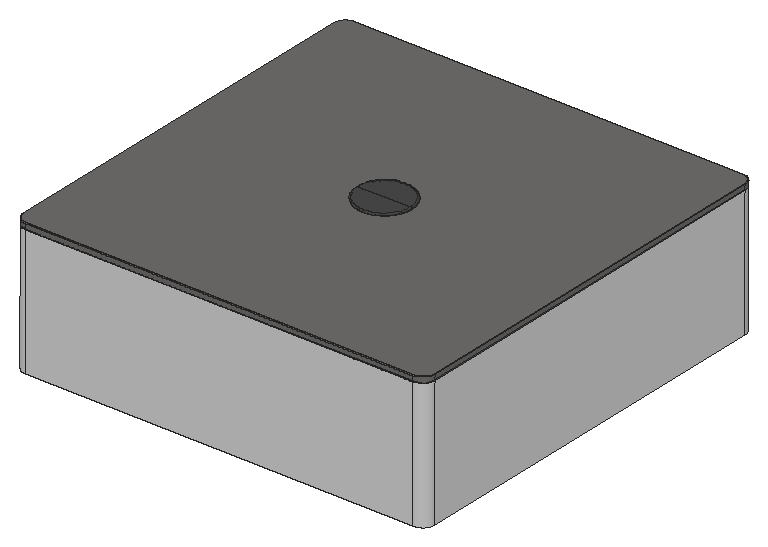
Revit family "Table-Square_With_Power-Teknion-STLAS_Infinito-R2014", category Furniture, Revit 2014
Parameters (values of type "Square Table With Power")
  Width = 2' - 9 1/2"
  Warranty = "http://www.teknionstudio.com/pdfs/Teknion%20Studio%20Warranty.pdf"
  Voltage = 125 V
  URL = "http://www.teknionstudio.com"
  Surface and Edge Trim Finish [instance] = Veneer - StudioTK - P7 - Weathered
  Series = "Studio"
  Product Page URL = "http://teknionstudio.com/infinito/"
  Product Line = "Infinito"
  Product Documentation Link = "http://www.teknionstudio.com/pricing/STLAS_ppg.pdf"
  Power Factor = 1
  Part Number = "STLAS"
  Number of Poles = 1
  Model = "STLAS34P"
  Manufacturer Phone = "919-464-2920"
  Manufacturer Fax = "919-464-2927"
  Manufacturer Email = "customersupport@teknionstudio.com"
  Manufacturer Address = "3953 US 70 Business HWY West, Clayton, NC 27520"
  Manufacturer = "StudioTK"
  Low Emitting Material = yes
  Low Emitting Finish = yes
  Height = 1' - 1"
  Description = "Infinito Square Table, 34\" / 86cm Width, With Power"
  Depth = 2' - 9 1/2"
  Connector Description = "Power Connector"
  Body Finish [instance] = Metal - StudioTK - V - Painted Very White
  Assembly Code = "E2020200"
  Apparent Load = 1250 VA
Reference planes (in)
  plane 1 "Center F/B": y = 0
  plane 2 "Bottom": z = 0
  plane 3 "Center L/R": x = 0
  plane 4 "Left": x = -16.75
  plane 5 "Right": x = 16.75
  plane 6 "Back": y = 16.75
  plane 7 "Front": y = -16.75
  plane 8 "Top": z = 13
  plane 9 "Base": z = 2
  plane 10 "Masking Region": z = 14.53147
  plane 11 "Power Connection": z = 12.5
Forms (in)
  Sweep 1, solid, material "Paint - Teknion - Smoke"
    path origin (0, -16.75, 0) x (1, 0, 0) y (0, 0, 1)
      loop
        line (0, 0) -> (0, 2)
    profile origin (0, -16.75, 1) x (-1, 0, 0) y (0, -1, 0)
      loop
        line (13.8425, -30.5925) -> (13.8425, -2.9075) -> (-13.8425, -2.9075) -> (-13.8425, -30.5925) -> (13.8425, -30.5925)
      loop
        line (13.0925, -29.8425) -> (13.0925, -3.6575) -> (-13.0925, -3.6575) -> (-13.0925, -29.8425) -> (13.0925, -29.8425)
  Sweep 2, solid, material "Metal - StudioTK - V - Painted Very White" <- "Body Finish"
    path origin (0, -16.75, 0) x (1, 0, 0) y (0, 0, 1)
      loop
        line (0, 2) -> (0, 12.5)
    profile origin (0, -16.75, 7.25) x (-1, 0, 0) y (0, -1, 0)
      loop
        arc (15.75, -33.5) -> (16.45711, -33.20711) -> (16.75, -32.5) r 1
        line (16.75, -32.5) -> (16.75, -1)
        arc (16.75, -1) -> (16.45711, -0.29289) -> (15.75, 0) r 1
        line (15.75, 0) -> (-15.75, 0)
        arc (-15.75, 0) -> (-16.45711, -0.29289) -> (-16.75, -1) r 1
        line (-16.75, -1) -> (-16.75, -32.5)
        arc (-16.75, -32.5) -> (-16.45711, -33.20711) -> (-15.75, -33.5) r 1
        line (-15.75, -33.5) -> (15.75, -33.5)
  Sweep 3, solid, material "Veneer - StudioTK - P7 - Weathered" <- "Surface and Edge Trim Finish"
    path origin (0, -16.75, 0) x (1, 0, 0) y (0, 0, 1)
      loop
        line (0, 12.5) -> (0, 13)
    profile origin (0, -16.75, 12.75) x (-1, 0, 0) y (0, -1, 0)
      loop
        line (16.75, -32.5) -> (16.75, -1)
        arc (16.75, -1) -> (16.45711, -0.29289) -> (15.75, 0) r 1
        line (15.75, 0) -> (-15.75, 0)
        arc (-15.75, 0) -> (-16.45711, -0.29289) -> (-16.75, -1) r 1
        line (-16.75, -1) -> (-16.75, -32.5)
        arc (-16.75, -32.5) -> (-16.45711, -33.20711) -> (-15.75, -33.5) r 1
        line (-15.75, -33.5) -> (15.75, -33.5)
        arc (15.75, -33.5) -> (16.45711, -33.20711) -> (16.75, -32.5) r 1
  Sweep 4, void
    path in 3D
      loop
        arc (-15.75, -16.75, 12.5) -> (-16.45711, -16.45711, 12.5) -> (-16.75, -15.75, 12.5) r 1
        line (-16.75, -15.75, 12.5) -> (-16.75, 15.75, 12.5)
        arc (-16.75, 15.75, 12.5) -> (-16.45711, 16.45711, 12.5) -> (-15.75, 16.75, 12.5) r 1
        line (-15.75, 16.75, 12.5) -> (15.75, 16.75, 12.5)
        arc (15.75, 16.75, 12.5) -> (16.45711, 16.45711, 12.5) -> (16.75, 15.75, 12.5) r 1
        line (16.75, 15.75, 12.5) -> (16.75, -15.75, 12.5)
        arc (16.75, -15.75, 12.5) -> (16.45711, -16.45711, 12.5) -> (15.75, -16.75, 12.5) r 1
        line (15.75, -16.75, 12.5) -> (-15.75, -16.75, 12.5)
    profile origin (0, -16.75, 12.5) x (0, 1, 0) y (0, 0, -1)
      loop
        line (0, -0.05) -> (0.05, 0) -> (0, 0) -> (0, -0.05)
  Sweep 5, void
    path in 3D
      loop
        arc (16.75, 15.75, 13) -> (16.45711, 16.45711, 13) -> (15.75, 16.75, 13) r 1
        line (15.75, 16.75, 13) -> (-15.75, 16.75, 13)
        arc (-15.75, 16.75, 13) -> (-16.45711, 16.45711, 13) -> (-16.75, 15.75, 13) r 1
        line (-16.75, 15.75, 13) -> (-16.75, -15.75, 13)
        arc (-16.75, -15.75, 13) -> (-16.45711, -16.45711, 13) -> (-15.75, -16.75, 13) r 1
        line (-15.75, -16.75, 13) -> (15.75, -16.75, 13)
        arc (15.75, -16.75, 13) -> (16.45711, -16.45711, 13) -> (16.75, -15.75, 13) r 1
        line (16.75, -15.75, 13) -> (16.75, 15.75, 13)
    profile origin (16.75, 0, 13) x (-1, 0, 0) y (0, 0, 1)
      loop
        line (0, 0) -> (0, -0.04851) -> (0.04851, 0) -> (0, 0)
Cuts and joins
  Sweep 4, Sweep 5 cuts Sweep 3
Lines and regions (in)
  Masking region 1
    outline origin (0, 0, 14.53147) x (-1, 0, 0) y (0, -1, 0)
      loop
        arc (15.75, -16.75) -> (16.45711, -16.45711) -> (16.75, -15.75) r 1
        line (16.75, -15.75) -> (16.75, 15.75)
        arc (16.75, 15.75) -> (16.45711, 16.45711) -> (15.75, 16.75) r 1
        line (15.75, 16.75) -> (-15.75, 16.75)
        arc (-15.75, 16.75) -> (-16.45711, 16.45711) -> (-16.75, 15.75) r 1
        line (-16.75, 15.75) -> (-16.75, -15.75)
        arc (-16.75, -15.75) -> (-16.45711, -16.45711) -> (-15.75, -16.75) r 1
        line (-15.75, -16.75) -> (15.75, -16.75)
  sketch lines
    curve 1: line (15.75, -16.75, 12.5) -> (-15.75, -16.75, 12.5)
    curve 2: arc (15.75, -16.75, 12.5) -> (16.45711, -16.45711, 12.5) -> (16.75, -15.75, 12.5) r 1
    curve 3: line (16.75, 15.75, 12.5) -> (16.75, -15.75, 12.5)
    curve 4: arc (16.75, 15.75, 12.5) -> (16.45711, 16.45711, 12.5) -> (15.75, 16.75, 12.5) r 1
    curve 5: line (-15.75, 16.75, 12.5) -> (15.75, 16.75, 12.5)
    curve 6: arc (-16.75, 15.75, 12.5) -> (-16.45711, 16.45711, 12.5) -> (-15.75, 16.75, 12.5) r 1
    curve 7: line (-16.75, 15.75, 12.5) -> (-16.75, -15.75, 12.5)
    curve 8: arc (-15.75, -16.75, 12.5) -> (-16.45711, -16.45711, 12.5) -> (-16.75, -15.75, 12.5) r 1
    curve 9: line (16.75, -15.75, 13) -> (16.75, 15.75, 13)
    curve 10: arc (-15.75, -16.75, 13) -> (-16.45711, -16.45711, 13) -> (-16.75, -15.75, 13) r 1
    curve 11: line (-16.75, 15.75, 13) -> (-16.75, -15.75, 13)
    curve 12: arc (-16.75, 15.75, 13) -> (-16.45711, 16.45711, 13) -> (-15.75, 16.75, 13) r 1
    curve 13: line (15.75, 16.75, 13) -> (-15.75, 16.75, 13)
    curve 14: arc (15.75, 16.75, 13) -> (16.45711, 16.45711, 13) -> (16.75, 15.75, 13) r 1
    curve 15: arc (16.75, -15.75, 13) -> (16.45711, -16.45711, 13) -> (15.75, -16.75, 13) r 1
    curve 16: line (-15.75, -16.75, 13) -> (15.75, -16.75, 13)
  symbolic lines, style "Hidden Lines", detail levels medium+fine
    curve 17: line (13.8425, 13.8425, 14.53147) -> (-13.8425, 13.8425, 14.53147)
    curve 18: line (-13.8425, 13.8425, 14.53147) -> (-13.8425, -13.8425, 14.53147)
    curve 19: line (-13.8425, -13.8425, 14.53147) -> (13.8425, -13.8425, 14.53147)
    curve 20: line (13.8425, -13.8425, 14.53147) -> (13.8425, 13.8425, 14.53147)
  symbolic lines, style "Hidden Lines", detail levels fine
    curve 21: line (13.0925, -13.0925, 14.53147) -> (-13.0925, -13.0925, 14.53147)
    curve 22: line (-13.0925, -13.0925, 14.53147) -> (-13.0925, 13.0925, 14.53147)
    curve 23: line (-13.0925, 13.0925, 14.53147) -> (13.0925, 13.0925, 14.53147)
    curve 24: line (13.0925, 13.0925, 14.53147) -> (13.0925, -13.0925, 14.53147)
Dimensions and locks (in)
  "Height": plane 8 "Top" to plane 2 "Bottom"
  locked: plane 9 "Base" to plane 2 "Bottom" at 2  (x2)
  "Width": plane 4 "Left" to plane 5 "Right"
  plane 6 "Back" to Sweep 1 sketch curve to Sweep 1 sketch curve = 0' - 2.9075" locked, 0' - 0 3/4" locked
  Sweep 1 sketch curve to Sweep 1 sketch curve to plane 5 "Right" = 0' - 0 3/4" locked, 0' - 2.9075" locked
  locked: plane 10 "Masking Region" to plane 2 "Bottom" at 14.53147
  equal spacing: plane 4 "Left", plane 3 "Center L/R", plane 5 "Right"
  equal spacing: plane 6 "Back", plane 1 "Center F/B", plane 7 "Front"
  "Depth": plane 6 "Back" to plane 7 "Front"
  locked: plane 10 "Masking Region" to Sweep 2 sketch curve at 2.03147
  plane 7 "Front" to Sweep 1 sketch curve to Sweep 1 sketch curve = 0' - 2.9075" locked, 0' - 0 3/4" locked
  plane 4 "Left" to Sweep 1 sketch curve to Sweep 1 sketch curve = 0' - 2.9075" locked, 0' - 0 3/4" locked
  aligned and locked: plane 2 "Bottom" to level
  aligned and locked: plane 3 "Center L/R" to Sweep 1 sketch curve
  aligned and locked: plane 2 "Bottom" to Sweep 1 sketch curve
  aligned and locked: plane 9 "Base" to Sweep 1 sketch curve
  aligned and locked: plane 3 "Center L/R" to Sweep 2 sketch curve
  aligned and locked: plane 9 "Base" to Sweep 2 sketch curve
  aligned and locked: plane 3 "Center L/R" to Sweep 3 sketch curve
  aligned and locked: Sweep 3 sketch curve to Sweep 2  (x3)
  aligned and locked: nested 1 to plane 11 "Power Connection"
  aligned and locked: Sweep 2 sketch curve to plane 5 "Right"
  aligned and locked: Sweep 2 sketch curve to plane 6 "Back"
  aligned and locked: Sweep 2 sketch curve to plane 7 "Front"
  aligned and locked: plane 4 "Left" to Sweep 2 sketch curve
  aligned and locked: plane 3 "Center L/R" to nested 1
  aligned and locked: plane 1 "Center F/B" to nested 1
  aligned and locked: plane 6 "Back" to Masking region 1 sketch curve
  aligned and locked: plane 5 "Right" to Masking region 1 sketch curve
  aligned and locked: plane 7 "Front" to Masking region 1 sketch curve
  aligned and locked: Masking region 1 sketch curve to plane 4 "Left"
  aligned and locked: curve 17 to Sweep 1
  aligned and locked: curve 18 to Sweep 1
  aligned and locked: curve 19 to Sweep 1
  aligned and locked: curve 20 to Sweep 1
  aligned and locked: curve 21 to Sweep 1
  aligned and locked: curve 22 to Sweep 1
  aligned and locked: curve 23 to Sweep 1
  aligned and locked: curve 24 to Sweep 1
Automatic sketch dimensions
  Sweep 3 sketch curve to plane 10 "Masking Region" = 0' - 2.03147"
  Sweep 3 sketch curve to Sweep 3 sketch curve = 0' - 0 1/2"
  Sweep 3 sketch curve to Sweep 3 sketch curve = 0' - 1"
  Sweep 4 sketch curve to profile plane = 0' - 0.05"  (x2)
  Sweep 4 sketch curve to profile plane = 0' - 0"
  profile plane to Sweep 4 sketch curve = 0' - 0"
  Sweep 5 sketch curve to profile plane = 0' - 0.04851"  (x2)
  Sweep 5 sketch curve to profile plane = 0' - 0"  (x2)
  Sweep 2 sketch curve to plane 7 "Front" = 0' - 1"
  Sweep 2 sketch curve to Sweep 2 sketch curve = 0' - 1"  (x2)
  Sweep 2 sketch curve to profile plane = 1' - 3 3/4"
  Masking region 1 sketch curve to plane 5 "Right" = 0' - 1"  (x2)
  Masking region 1 sketch curve to plane 6 "Back" = 0' - 1"
  plane 4 "Left" to Masking region 1 sketch curve = 0' - 1"
Nested families (in)
  nested 1: "Outlet-Power-Teknion" at (0, 0, 12.92786), type "Outlet"
Connectors (in)
  electrical at (0, 0, 12.5), driven by "Number of Poles", driven by "Voltage", driven by "Apparent Load", driven by "Power Factor", driven by "Connector Description", driven by "Apparent Load"
    settings: index 1, voltage 125 V, apparent load 1250 VA, apparent load phase1 1250 VA, apparent load phase2 0 VA, apparent load phase3 0 VA, power factor 1, load classification "Other", number of poles 1, system type 30, power factor state 1, is connector primary yes, connector utility no, sub classification motor no, connector description "Power Connector"
Definition of nested family "Outlet-Power-Teknion"
  Reference planes (in)
    plane 1 "Center (Front/Back)": y = 0
    plane 2: z = 0
    plane 3 "Center (Left/Right)": x = 0
    plane 4 "Top": z = 0.17498
  Forms (in)
    Revolve 1, solid, material "Plastic - Teknion - 8B - Ebony"
      sketch origin (0, 0, 0) x (1, 0, 0) y (0, 0, 1)
        loop
          line (0, 0.17498) -> (0, -0.40065) -> (2.25001, -0.40065) -> (2.25001, 0.07882)
          arc (2.25001, 0.07882) -> (2.22184, 0.14682) -> (2.15385, 0.17498) r 0.09616
          line (2.15385, 0.17498) -> (0, 0.17498)
        axis (0, 0.17498) -> (0, -0.40065)
      angle from 0 to 360
    Extrusion 2, solid, material "Plastic - Teknion - 8B - Ebony"
      sketch origin (0.00001, 0, 0.17498) x (1, 0, 0) y (0, 1, 0)
        loop
          circle (-0.00001, 0) r 2.25001
      from -0.60285 to -0.57564
  Cuts and joins
    joined: Revolve 1, Extrusion 2
  Lines and regions (in)
    Masking region 1
      outline origin (0, 0, 0) x (1, 0, 0) y (0, 1, 0)
        loop
          circle (0, 0) r 2.25001
    model lines
      curve 1: circle (-0.96787, 0.55311, 0.17498) r 0.75845 normal (0, 0, 1)
      curve 2: circle (0.97016, 0.55311, 0.17498) r 0.75845 normal (0, 0, 1)
      curve 3: circle (0, -1.12401, 0.17498) r 0.75845 normal (0, 0, 1)
  Dimensions and locks (in)
    locked: Revolve 1 sketch curve to plane 3 "Center (Left/Right)" at 2.25001
    locked: plane 4 "Top" to plane 2 at 0.17498
    curve 1 to plane 3 "Center (Left/Right)" to curve 2 = 0' - 0.96787" locked, 0' - 0.97016" locked
    locked: plane 1 "Center (Front/Back)" to curve 1 at 0.55311
    locked: plane 1 "Center (Front/Back)" to curve 2 at 0.55311
    locked: curve 3 to plane 1 "Center (Front/Back)" at 1.12401
    locked: plane 4 "Top" to Revolve 1 sketch curve at 0.57564
    locked: plane 2 to Extrusion 2 at 0.42786
    aligned and locked: level to plane 2
    aligned and locked: Revolve 1 sketch curve to plane 3 "Center (Left/Right)"
    aligned and locked: Extrusion 2 sketch curve to Revolve 1  (x2)
    aligned and locked: Extrusion 2 to Revolve 1
    aligned and locked: plane 3 "Center (Left/Right)" to Masking region 1 sketch curve
    aligned and locked: plane 1 "Center (Front/Back)" to Masking region 1 sketch curve
